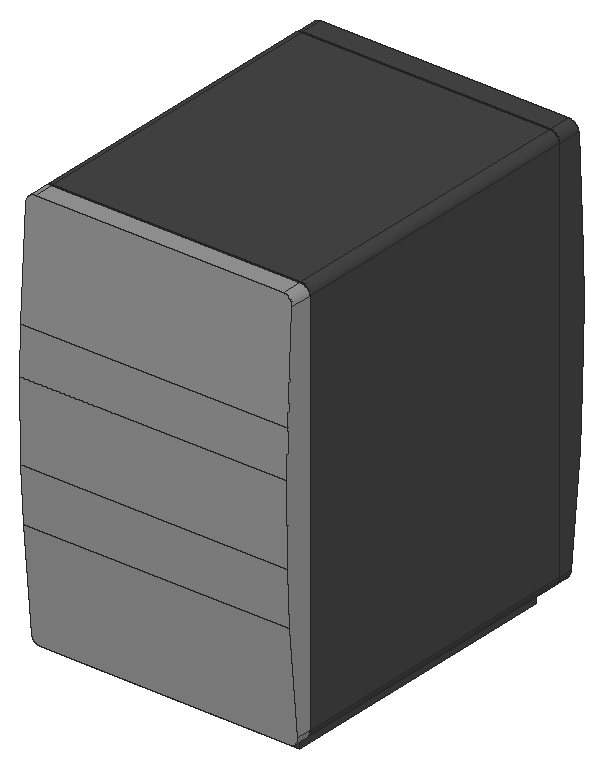
Revit family "Franke_Under_table_refrigerator_UT12_EC-A600_MS_EC_A600_FM_EC_A800_FM_EC(JP)", category Specialty Equipment, Revit 2015
Parameters (values of type "Under table refrigerator UT12 EC-A600 MS EC,A600 FM EC,A800 FM EC(100V/JP)")
  Volts max. = 0 V
  URL = "https://www.franke.com/main/en/cs/products/product-search.html"
  Depth (mm) = 475 mm
  Temperature range = "+ 3° to + 8°"
  Volts min. = 100 V
  Max Overcurrent Protection = "-"
  Cycle Alternative = 60 Hz
  Cycle = 50 Hz
  Model = "410880 - Under table refrigerator UT12 EC - A600 MS EC, A600 FM EC, A800 FM EC"
  Milk storage = "12 l"
  Current consumption = 1.7 A
  Cost = 0
  Height (mm) = 544 mm
  Manufacturer = "Franke"
  Energy loss acc. to DIN 18873 = "0.783 kWh/24 h - 230 V"
  Width (mm) = 340 mm
  Description = "key module Under table refrigerator UT12 for storage of cooled milk"
  Assembly Code = "key module Under table refrigerator UT12"
  Keynote = "key module Under table refrigerator UT12"
  Weight = "26 kg"
  Number of Poles = 1
  Number of Protective Conductors = "1"
  Number of Nutral Conductors = "1"
Reference planes
  plane 1 "Mitte (Vorne/Hinten)": y = 0
  plane 2: z = 0
  plane 3 "Mitte (Links/Rechts)": x = 0
Forms (mm)
  Extrusion 1, solid, material "Franke Black"
    sketch origin (0, 0, -42) x (1, 0, 0) y (0, 0, 1)
      loop
        arc (-170, 78) -> (-166.485, 69.515) -> (-158, 66) r 12
        line (-158, 66) -> (158, 66)
        arc (158, 66) -> (166.485, 69.515) -> (170, 78) r 12
        line (170, 78) -> (170, 574)
        arc (170, 574) -> (166.485, 582.485) -> (158, 586) r 12
        line (158, 586) -> (-158, 586)
        arc (-158, 586) -> (-166.485, 582.485) -> (-170, 574) r 12
        line (-170, 574) -> (-170, 78)
    from -198.03 to 198.03
  Extrusion 2, solid, material "Franke Black"
    sketch origin (0, 0, -42) x (0, 1, 0) y (0, 0, 1)
      loop
        line (186.97, 66) -> (-188.03, 66) -> (-188.03, 46) -> (186.97, 46) -> (186.97, 66)
    from -149 to 149
  Extrusion 3, solid, material "Franke Black"
    sketch origin (0, 0, -42) x (1, 0, 0) y (0, 1, 0)
      loop
        line (-139, 119.911) -> (-139, 96.511) -> (-120.3, 96.511) -> (-120.3, 119.911) -> (-139, 119.911)
      loop
        line (120.3, 119.911) -> (120.3, 96.511) -> (139, 96.511) -> (139, 119.911) -> (120.3, 119.911)
      loop
        line (120.3, -95.689) -> (120.3, -119.089) -> (139, -119.089) -> (139, -95.689) -> (120.3, -95.689)
      loop
        line (-139, -95.689) -> (-139, -119.089) -> (-120.3, -119.089) -> (-120.3, -95.689) -> (-139, -95.689)
    from 42 to 46
  Extrusion 4, void
    sketch origin (0, 0, -42) x (1, 0, 0) y (0, 1, 0)
      loop
        circle (-127.5, 166.47) r 16
      loop
        circle (-127.5, -166.13) r 16
      loop
        circle (127.5, 166.47) r 16
      loop
        circle (127.5, -166.13) r 16
    from 16.904 to 51
  Extrusion 5, solid, material "Franke Anthracite"
    sketch origin (0, 0, -42) x (0, 1, 0) y (0, 0, 1)
      loop
        line (-199.53, 586) -> (-226.03, 586)
        arc (-226.03, 586) -> (-230.938, 512.688) -> (-234.804, 439.314) r 5166.525
        arc (-234.804, 439.314) -> (-235.718, 409.388) -> (-235.736, 379.448) r 1000
        arc (-235.736, 379.448) -> (-234.928, 328.403) -> (-233.97, 277.36) r 17389.365
        arc (-233.97, 277.36) -> (-232.66, 242.583) -> (-230.141, 207.872) r 1000
        arc (-230.141, 207.872) -> (-223.415, 136.903) -> (-216.03, 66) r 7668.804
        line (-216.03, 66) -> (-199.53, 66) -> (-199.53, 586)
    from -170 to 170
  Extrusion 6, solid, material "Franke Black"
    sketch origin (0, 0, -42) x (0, 1, 0) y (0, 0, 1)
      loop
        line (228.03, 586) -> (199.53, 586) -> (199.53, 66) -> (216.03, 66)
        arc (216.03, 66) -> (223.625, 137.651) -> (230.787, 209.347) r 11934.303
        arc (230.787, 209.347) -> (233.53, 243.904) -> (235.074, 278.535) r 1000
        arc (235.074, 278.535) -> (236.278, 326.896) -> (237.256, 375.262) r 10374.963
        arc (237.256, 375.262) -> (237.334, 405.934) -> (236.472, 436.595) r 1000
        arc (236.472, 436.595) -> (232.736, 511.325) -> (228.03, 586) r 5764.394
    from -170 to 170
  Extrusion 7, solid, material "Franke Black"
    sketch origin (0, 0, -42) x (1, 0, 0) y (0, 0, 1)
      loop
        line (-120, 576) -> (-120, 66) -> (120, 66) -> (120, 576) -> (-120, 576)
    from 198.03 to 199.53
  Extrusion 8, solid, material "Franke Black"
    sketch origin (0, 397.56, -42) x (1, 0, 0) y (0, 0, 1)
      loop
        line (-120, 576) -> (-120, 66) -> (120, 66) -> (120, 576) -> (-120, 576)
    from 198.03 to 199.53
  Extrusion 9, void
    sketch origin (0, 0, -42) x (1, 0, 0) y (0, 0, 1)
      loop
        line (-158, 586) -> (-158, 596) -> (-180, 596) -> (-180, 574) -> (-170, 574)
        arc (-170, 574) -> (-166.485, 582.485) -> (-158, 586) r 12
      loop
        arc (158, 586) -> (166.485, 582.485) -> (170, 574) r 12
        line (170, 574) -> (180, 574) -> (180, 596) -> (158, 596) -> (158, 586)
      loop
        arc (-158, 66) -> (-166.485, 69.515) -> (-170, 78) r 12
        line (-170, 78) -> (-180, 78) -> (-180, 56) -> (-158, 56) -> (-158, 66)
      loop
        line (158, 66) -> (158, 56) -> (180, 56) -> (180, 78) -> (170, 78)
        arc (170, 78) -> (166.485, 69.515) -> (158, 66) r 12
    from -296.752 to 350.669
  Extrusion 10, solid
    sketch origin (0, 0, 0) x (1, 0, 0) y (0, 1, 0)
      loop
        circle (0, 140.802) r 2.5
    from 0 to 4
Cuts and joins
  Extrusion 4 cuts Extrusion 2
  Extrusion 9 cuts Extrusion 5
  Extrusion 9 cuts Extrusion 6
Dimensions and locks
  aligned and locked: level to plane 2
Connectors
  electrical at (0, 140.802, 0), driven by "Volts min.", driven by "Number of Poles"
    settings: on Extrusion 10, index 1, voltage 100 V, apparent load 0 VA, apparent load phase1 0 VA, apparent load phase2 0 VA, apparent load phase3 0 VA, power factor 1, load classification "Strom", number of poles 1, system type 31, power factor state 1, is connector primary yes, connector utility no, sub classification motor no, connector description ""
